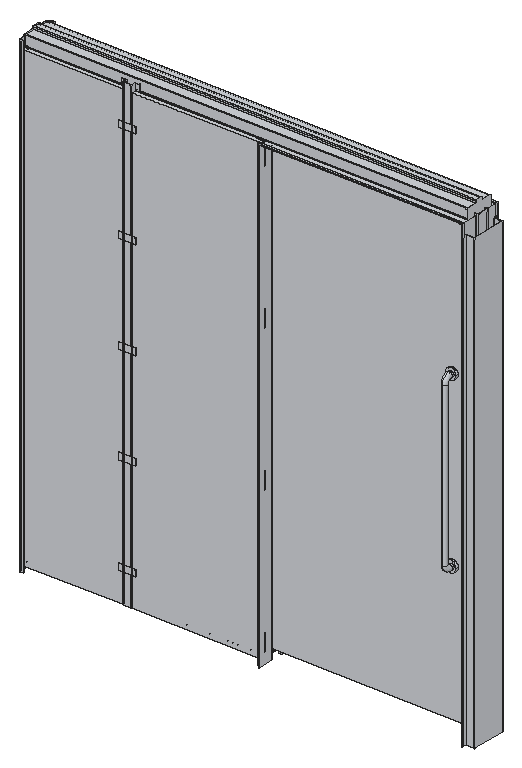
Revit family "BOS-LineaCompact-Sino-olSidW_MW_Familie", category Türen, Revit 2017 (continued)
Definition of nested family "BOS-loser-Nagelanker-olSidW_Detail"
  Dimensions and locks
    plane 14 to plane 12 = 5 mm
    plane 14 to plane 10 = 50 mm
    plane 15 to plane 4 = 100 mm
    "GT2 Gesamttiefe": plane 16 to plane 8
    "GT3 Gesamttiefe": plane 6 to plane 17
    equal spacing: plane 16, plane 18, plane 17
    plane 22 to plane 3 = 15 mm
    "Einfügepunkt": plane 9 to plane 14
    equal spacing: plane 19, plane 7, plane 9
    plane 11 to plane 20 = 15 mm
    "RNB Rohbau Nennmaß Breite": plane 4 to plane 14
    "LDB Lichte Durchgangs Breite": plane 19 to plane 9
    "Putzwinkel vorne": plane 21 to plane 8
    "Putzwinkel hinten": plane 6 to plane 22
    "MW Maulweite": plane 21 to plane 22
    equal spacing: plane 21, plane 13, plane 22
    aligned and locked: plane 2 to curve 43
    aligned and locked: curve 11 to plane 3
    aligned and locked: plane 4 to curve 31
    aligned and locked: curve 48 to plane 4
    aligned and locked: curve 107 to plane 3
    aligned and locked: plane 2 to curve 136
    aligned and locked: plane 18 to curve 83
    aligned and locked: plane 20 to curve 81
    aligned and locked: plane 12 to curve 124
    aligned and locked: curve 144 to plane 12
  Automatic sketch dimensions
    curve 13 to curve 14 = 14.645 mm
    curve 12 to curve 11 = 21.468 mm
    curve 11 to curve 14 = 1.25 mm
    curve 31 to curve 31 = 40 mm
    curve 32 to curve 32 = 40 mm
    curve 48 to curve 48 = 40 mm
    curve 113 to curve 114 = 0 mm  (x2)
    curve 87 to curve 93 = 0.435 mm
    curve 91 to curve 87 = 0.84 mm
    curve 93 to curve 111 = 2 mm
    curve 91 to curve 89 = 3.5 mm
    curve 93 to curve 88 = 3.5 mm
    curve 111 to curve 110 = 1.5 mm
    curve 88 to curve 90 = 0.857 mm
    curve 110 to curve 108 = 1 mm
    curve 107 to curve 107 = 55.5 mm
    curve 109 to curve 94 = 9.965 mm
    curve 93 to curve 88 = 0.25 mm
    curve 93 to curve 87 = 3.035 mm
    curve 90 to curve 91 = 0.25 mm
    curve 89 to curve 113 = 5.858 mm
    curve 91 to curve 94 = 0.148 mm
    curve 121 to curve 122 = 0 mm  (x2)
    curve 97 to curve 103 = 0.435 mm
    curve 101 to curve 97 = 0.84 mm
    curve 103 to curve 119 = 2 mm
    curve 101 to curve 99 = 3.5 mm
    curve 103 to curve 98 = 3.5 mm
    curve 119 to curve 118 = 1.5 mm
    curve 98 to curve 100 = 0.857 mm
    curve 118 to curve 116 = 1 mm
    curve 115 to curve 115 = 55.5 mm
    curve 117 to curve 104 = 9.965 mm
    curve 103 to curve 98 = 0.25 mm
    curve 103 to curve 97 = 3.035 mm
    curve 100 to curve 101 = 0.25 mm
    curve 99 to curve 121 = 5.858 mm
    curve 101 to curve 104 = 0.148 mm
    curve 51 to plane 2 = 0 mm
    curve 51 to plane 15 = 0 mm
    plane 3 to curve 53 = 0 mm
    curve 53 to plane 15 = 0 mm
    curve 54 to plane 4 = 0 mm
    curve 51 to plane 5 = 0 mm
    curve 49 to plane 12 = 0 mm
    curve 50 to plane 2 = 0 mm
    curve 50 to plane 14 = 0 mm
    curve 86 to plane 10 = 0 mm
    curve 123 to plane 10 = 0 mm
    plane 3 to curve 50 = 0 mm
    curve 85 to plane 2 = 1.5 mm
    curve 95 to curve 96 = 5.952 mm
    curve 96 to curve 124 = 2 mm
    curve 124 to curve 96 = 9.358 mm
    curve 96 to curve 95 = 3.642 mm
    curve 95 to curve 96 = 3.642 mm
    curve 96 to curve 124 = 6.858 mm
    curve 105 to curve 106 = 5.952 mm
    curve 106 to curve 125 = 2 mm
    curve 125 to curve 106 = 9.358 mm
    curve 106 to curve 105 = 3.642 mm
    curve 105 to curve 106 = 3.642 mm
    curve 106 to curve 125 = 6.858 mm
    curve 142 to curve 143 = 0 mm  (x2)
    curve 126 to curve 132 = 0.435 mm
    curve 130 to curve 126 = 0.84 mm
    curve 132 to curve 140 = 2 mm
    curve 130 to curve 128 = 3.5 mm
    curve 132 to curve 127 = 3.5 mm
    curve 140 to curve 139 = 1.5 mm
    curve 127 to curve 129 = 0.857 mm
    curve 139 to curve 137 = 1 mm
    curve 136 to curve 136 = 55.5 mm
    curve 133 to curve 138 = 9.965 mm
    curve 127 to curve 132 = 0.25 mm
    curve 126 to curve 132 = 3.035 mm
    curve 130 to curve 129 = 0.25 mm
    curve 142 to curve 128 = 5.858 mm
    curve 133 to curve 130 = 0.148 mm
    curve 134 to curve 135 = 5.952 mm
    curve 135 to curve 144 = 2 mm
    curve 135 to curve 144 = 9.358 mm
    curve 134 to curve 135 = 3.642 mm
    curve 135 to curve 134 = 3.642 mm
    curve 144 to curve 135 = 6.858 mm
    curve 83 to curve 81 = 17.128 mm
    curve 81 to curve 83 = 27.872 mm
    curve 81 to curve 83 = 23.623 mm
    curve 83 to curve 81 = 22.264 mm
    curve 84 to curve 82 = 17.128 mm
    curve 82 to curve 84 = 27.872 mm
    curve 82 to curve 84 = 23.623 mm
    curve 84 to curve 82 = 22.264 mm
    curve 56 to curve 58 = 0 mm
    curve 57 to curve 66 = 1 mm
    curve 59 to curve 55 = 26 mm
    curve 60 to curve 55 = 21 mm
    curve 62 to curve 60 = 1.5 mm
    curve 63 to curve 62 = 0 mm
    curve 66 to curve 63 = 0 mm
    curve 64 to curve 60 = 1.5 mm
    curve 61 to curve 64 = 0 mm
    curve 67 to curve 64 = 0 mm
    curve 59 to curve 65 = 0 mm
    curve 65 to curve 59 = 1.5 mm
    curve 55 to curve 56 = 0 mm  (x4)
    curve 57 to curve 58 = 0 mm  (x3)
    curve 69 to curve 71 = 0 mm
    curve 70 to curve 79 = 1 mm
    curve 72 to curve 68 = 26 mm
    curve 73 to curve 68 = 21 mm
    curve 75 to curve 73 = 1.5 mm
    curve 76 to curve 75 = 0 mm
    curve 79 to curve 76 = 0 mm
    curve 77 to curve 73 = 1.5 mm
    curve 74 to curve 77 = 0 mm
    curve 80 to curve 77 = 0 mm
    curve 72 to curve 78 = 0 mm
    curve 78 to curve 72 = 1.5 mm
    curve 68 to curve 69 = 0 mm  (x4)
    curve 70 to curve 71 = 0 mm  (x3)
Definition of nested family "BOS-Logo_Modell"
  Parameters (values of type "BOS-Logo_Modell")
    URL = "www.BestOfSteel.de"
    Rechtliche Hinweise = "www.BestOfSteel.de/tools-downloads/bim-building-information-modeling/"
    Description = "BOS Logo"
    Keynote = "BOS Logo"
    BOS-Architekten-Beratung = "Tel.: +49 (0) 2572 203-203; E-Mail: architekten@BestOfSteel.de"
    Technische Infos rund um die Stahlzarge = "www.BestOfSteel.de/tools-downloads/technische-infos-rund-um-die-stahlzarge/"
    Abstand vertikal = 10 mm
    Abstand horizontal = 15 mm
  Reference planes
    plane 1: y = 0
    plane 2: z = 0
    plane 3: x = 0
    plane 4: x = -7
    plane 5: x = 7
    plane 6: y = 8.299
    plane 7: x = 15
    plane 8: y = 4.15
    plane 9: x = -15
    plane 10: y = 14.15
    plane 11: y = -5.85
  Dimensions and locks
    plane 4 to plane 3 to plane 5 = 7 mm, 7 mm
    "Abstand vertikal": plane 11 to plane 8 to plane 10
    plane 6 to plane 8 to plane 1 = 4.15 mm, 4.15 mm
    "Abstand horizontal": plane 9 to plane 3
    "Abstand horizontal": plane 3 to plane 7
    aligned and locked: level to plane 2
Types (4, lengths in mm): name | Material - Türblatt | Bürstendichtung | ALU 100 BOS | ALU 80 BOS | olSidW mit ALU 80 BOS Holz | olSidW mit ALU 80 BOS Glas | olSidW mit ALU 100 BOS Holz | Holztürblatt | Glastürblatt | Türblattstärke | olSidW mit ALU 100 BOS Glas | Modell
  olSidW mit ALU 80 BOS Holz | none | no | no | yes | yes | no | no | yes | no | 40 | no | "olSidW mit ALU 80 BOS Holz"
  olSidW mit ALU 100 BOS Holz | none | no | yes | no | no | no | yes | yes | no | 40 | no | "olSidW mit ALU 100 BOS Holz"
  olSidW mit ALU 100 BOS Glas | Glas | yes | yes | no | no | no | no | no | yes | 8 | yes | "olSidW mit ALU 100 BOS Glas"
  olSidW mit ALU 80 BOS Glas | Glas | yes | no | yes | no | yes | no | no | yes | 8 | no | "olSidW mit ALU 80 BOS Glas"
